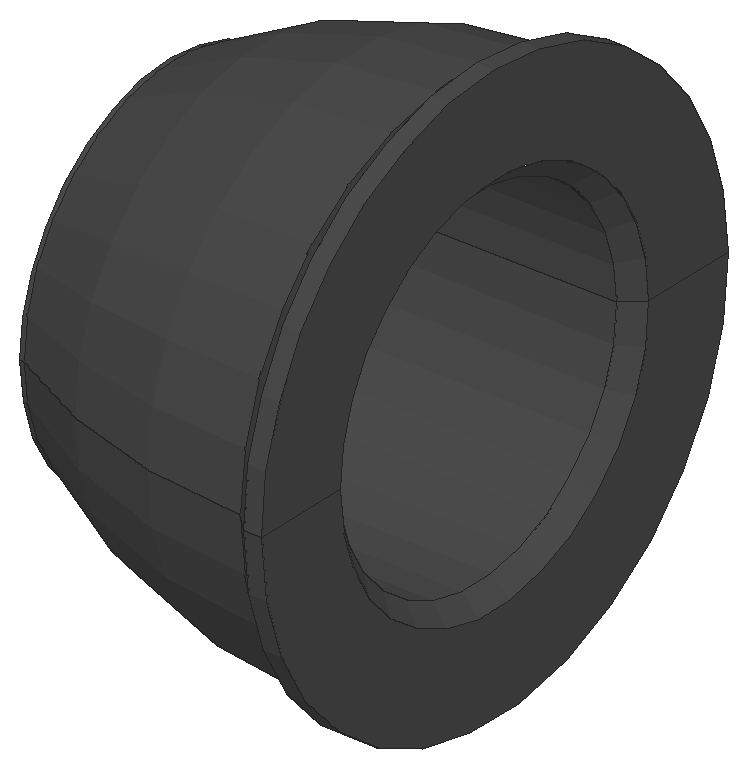
Revit family "Duc_JGS_Bolsas", category Pipe Accessories, Revit 2025
Family settings
  Round Connector Dimension = Use Diameter
  Part Type = Normal
  Work Plane-Based = No
  Always vertical = No
  Cut with Voids When Loaded = No
  Shared = Yes
Parameters
  Tabela [instance] = "Duc_JGS_Bolsas"
  Nominal Radius [instance] = Nominal Diameter / 2  # 40.0 mm
  Nominal Diameter [instance] = 80.0 mm
  Manufacturer = "SGC"
  Loss Method = K Coefficient from Table
  K Coefficient Table = "Tee"
  EK7 [instance] = size_lookup(Tabela, "EK7", 5.2 mm, Nominal Diameter)  # 5.2 mm
  Description = "Bolsas JGS - JTI - JTE"
  Material_Conexao = FOFO
  Default Elevation = 0.0 mm
  Borde2 [instance] = EK7 * 2  # 10.4 mm
  Borde1 [instance] = EK7  # 5.2 mm
  Bolsa_DE1 [instance] = Bolsa_DE + EK7  # 54.2 mm
  Bolsa_P [instance] = size_lookup(Tabela, "Bolsa_P", 94.5 mm, Nominal Diameter)  # 92.5 mm
  Bolsa_DI [instance] = size_lookup(Tabela, "Bolsa_DI", 60.5 mm, Nominal Diameter) / 2  # 50.5 mm
  Bolsa_DE [instance] = size_lookup(Tabela, "Bolsa_DE", 59.0 mm, Nominal Diameter) / 2  # 49.0 mm
  Bolsa_B [instance] = size_lookup(Tabela, "Bolsa_B", 118.0 mm, Nominal Diameter) / 2  # 84.0 mm
Reference planes
  plane 1 "Center (Front/Back)": y = 0
  plane 2: z = 0
  plane 3 "Center (Left/Right)": x = 2618.25
  plane 4: x = 2710.75
  plane 5: y = 84
  plane 6: y = 50.5
  plane 7: y = 49
  plane 8: y = 54.2
Forms (mm)
  Revolve 1, solid, material "FOFO" <- "Material_Conexao"
    sketch origin (0, 0, 0) x (1, 0, 0) y (0, 1, 0)
      loop
        line (2618.25, 50.5) -> (2705.55, 50.5) -> (2710.75, 55.7) -> (2710.75, 84) -> (2705.55, 84) -> (2700.35, 78.8)
        arc (2700.35, 78.8) -> (2657.555, 72.323) -> (2618.25, 54.2) r 154.08
        line (2618.25, 54.2) -> (2617.25, 54.2) -> (2617.25, 49) -> (2618.25, 49) -> (2618.25, 50.5)
      axis (2617.25, 0) -> (2710.75, 0)
    angle from 0 to 360
Lines and regions (mm)
  model lines, style "InvisibleLines"
    curve 1: line (2618.25, 0, 200.5) -> (2618.25, 0, -200.5)
  reference lines
    curve 2: line (2618.25, 0, 0) -> (2710.75, 0, 0)
  model lines
    curve 3: line (2618.25, 0, 0) -> (2710.75, 0, 0)
Dimensions and locks
  "Borde1": Revolve 1 sketch curve to Revolve 1 sketch curve  (x4)
  "Borde2": Revolve 1 sketch curve to Revolve 1 sketch curve
  "Borde1": Revolve 1 sketch curve to plane 8
  "Bolsa_B": plane 5 to plane 1 "Center (Front/Back)"
  "Bolsa_DI": plane 6 to plane 1 "Center (Front/Back)"
  "Bolsa_DE": plane 7 to plane 1 "Center (Front/Back)"
  "Bolsa_DE1": plane 8 to plane 1 "Center (Front/Back)"
  "Bolsa_P": plane 3 "Center (Left/Right)" to plane 4
  locked: Revolve 1 sketch curve to Revolve 1 sketch curve at 1
  aligned and locked: plane 5 to Revolve 1 sketch curve
  aligned and locked: Revolve 1 sketch curve to plane 6
  aligned and locked: Revolve 1 sketch curve to plane 3 "Center (Left/Right)"
  aligned and locked: plane 1 "Center (Front/Back)" to curve 2
  aligned and locked: curve 2 to plane 3 "Center (Left/Right)"
  aligned and locked: plane 4 to curve 2
  aligned and locked: curve 3 to curve 2
Automatic sketch dimensions
  curve 1 to plane 1 "Center (Front/Back)" = 0.0 mm
  curve 1 to level = 200.5 mm
  level to curve 1 = 200.5 mm
  curve 3 to plane 3 "Center (Left/Right)" = 0.0 mm
  curve 3 to plane 4 = 0.0 mm
  Revolve 1 sketch curve to plane 1 "Center (Front/Back)" = 0.0 mm
  Revolve 1 sketch curve to plane 3 "Center (Left/Right)" = 0.0 mm  (x2)
  Revolve 1 sketch curve to plane 4 = 0.0 mm
  Revolve 1 sketch curve to plane 8 = 0.0 mm
  Revolve 1 sketch curve to plane 4 = 8.97 mm
  plane 4 to Revolve 1 sketch curve = 1.322 mm
